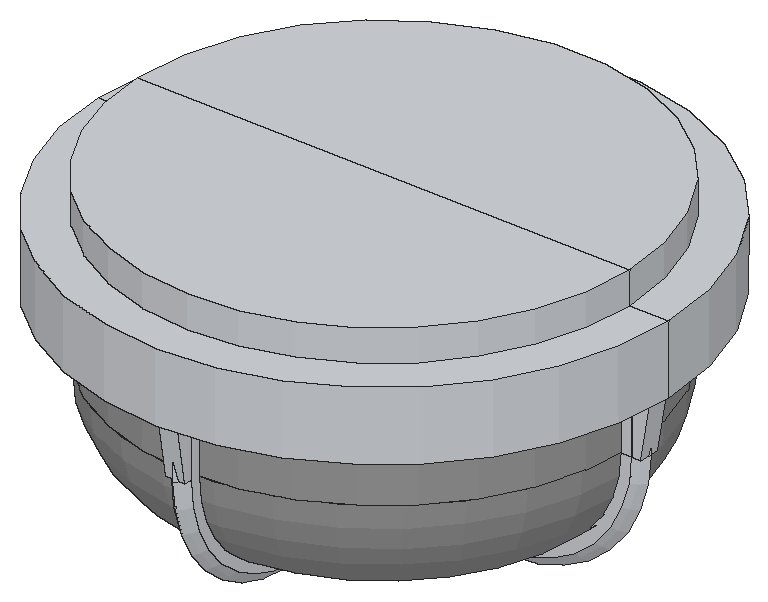
Revit family "O10-S290-X LED 900 AC 830 WH", category Lighting Fixtures, Revit 2016
Family settings
  Part Type = Normal
  Round Connector Dimension = Use Diameter
  OmniClass Number = 23.80.70.00
  OmniClass Title = Lighting
  Work Plane-Based = No
  Always vertical = Yes
  Cut with Voids When Loaded = No
  Light Source = Yes
  Shared = No
  Room Calculation Point = No
Parameters
  Wiring Accessories = ""
  Wattage Comments = ""
  Wattage = 12 W
  VoltageMax = 240 V
  built-in parameter 1150110 = 1 (stored number, unit not read)
  Voltage = 220 V
  UpdateDate = "03.03.2018 14:00:10"
  URL UK = "http://glamox.com/uk/products/O10-S290/items/O10213200"
  URL Sweden = "http://glamox.com/se/produkter/O10-S290/items/O10213200"
  URL Russia = "http://glamox.com/ru/products/O10-S290/items/O10213200"
  URL Other = "http://glamox.com/gsx/products/O10-S290/items/O10213200"
  URL Norway = "http://glamox.com/no/produkter/O10-S290/items/O10213200"
  URL Ireland = "http://glamox.com/ie/products/O10-S290/items/O10213200"
  URL Germany = "http://glamox.com/de/products/O10-S290/items/O10213200"
  URL Finland = "http://glamox.com/fi/products/O10-S290/items/O10213200"
  URL Estonia = "http://glamox.com/ee/products/O10-S290/items/O10213200"
  URL Denmark = "http://glamox.com/dk/produkter/O10-S290/items/O10213200"
  URL = ""
  TypeOfEmergency = ""
  TypeOfBallast = ""
  TotalWattage = 12 W
  Total Load = 12 W
  built-in parameter 1114217 = 1 (stored number, unit not read)
  Top Radius = Radius - 32.5 mm  # 112.5 mm
  Tilt Angle = 90.00°
  Termination = "5x2x2,5 PI"
  built-in parameter 1150109 = 1 (stored number, unit not read)
  built-in parameter 1150134 = (empty or 0)
  built-in parameter 1150113 = 1 (stored number, unit not read)
  Specification = "Outdoor product, in Aluminium, for Surface/Wall mounting, impact classification IK10, IP66, light source LED, lumen out 854lm, ballast type AC, with light source type CRI>80, 3000K, with Polycarbonate diffuser."
  Remark = ""
  RatedVoltage = 220 V
  PowerFactor = 98.00%
  Power Factor = 0.98
  Plug Type = ""
  Photometric Web File = "O10-S290-X-LED-900-830.ies"
  Optic = ""
  Number of Poles = 1
  NominalFrequencyRange = 50 Hz
  ModelReference = "O10-S290"
  ModelLabel = "O10-S290-X LED 900 AC 830 WH"
  Maximum TA = 40
  MaintenanceFactor = 0
  MFArtNo = "O10213200"
  LumDiameter = Diameter  # 290 mm
  Load Classification [instance] = Lighting
  Model = ""
  Manufacturer = "Glamox"
  Lumens = 854 lm
  built-in parameter 1150115 = 1 (stored number, unit not read)
  built-in parameter 1150105 = 67.959 (stored number, unit not read)
  LightFixturePlacingType = "CEILING"
  LightFixtureMountingType = "SURFACE"
  built-in parameter 1150137 = (empty or 0)
  built-in parameter 1150139 = (empty or 0)
  LampBase = ""
  Lamp Wattage Comments = ""
  built-in parameter 1150112 = 1 (stored number, unit not read)
  built-in parameter 1150114 = 1 (stored number, unit not read)
  Lamp = "LED"
  built-in parameter 1150132 = 2
  built-in parameter 1150102 = (empty or 0)
  built-in parameter 1150138 = (empty or 0)
  built-in parameter 1150107 = 3000 (stored number, unit not read)
  built-in parameter 1150106 = 0.67959 (stored number, unit not read)
  IP_Code = "66"
  IPClass = "66"
  IK_Code = ""
  IFC Classification = "Light Fixture"
  Height = 149 mm
  GlobalTradeItemNumber = "4741145295826"
  Glamox Mounting = "Surface"
  Glamox Family = "O10-S290"
  Glamox Category = "Outdoor"
  FrequencyMax = 60 Hz
  Frequency = 50 Hz
  Expired = "0"
  Emit from Circle Diameter = LumDiameter  # 290 mm
  Emit Shape Visible in Rendering = yes
  built-in parameter 1150104 = 6.6116 (stored number, unit not read)
  ELNo Norway = ""
  ELNo Finland = ""
  EANNo = "4741145295826"
  DurationInBatteryMode = ""
  Dimming Lamp Color Temperature Shift = Incandescent Lamp Curve
  Diameter = 290 mm
  Description = "O10-S290-X LED 900 AC 830 WH"
  Cut Out = ""
  Completion = ""
  Color Filter = 16777215
  Radius = Diameter / 2  # 145 mm
  Body Material and Colour = Default
  built-in parameter 1114218 = 1 (stored number, unit not read)
  built-in parameter 1150133 = 10 (stored number, unit not read)
  Assembly Code = ""
  ArticleNumber = "O10213200"
  Apparent Load = Total Load / Power Factor  # 12.2449 VA
  #Ballast = 1
  # ballast on a MCB16 type C fuse = "176"
  # ballast on a MCB16 type B fuse = "130"
Reference planes
  plane 1 "Light Source Axis (F/B)": y = 0.31
  plane 2: z = 0
  plane 3 "Light Source Axis (L/R)": x = 0
  plane 4 "Light Source Elevation": z = -150.079
  plane 5: z = -150.079
  plane 6: x = 145
  plane 7: x = 125
  plane 8: x = 0
  plane 9: y = 0.31
Forms (mm)
  Extrusion 1, solid, material "Default" <- "Body Material and Colour", not visible
    sketch origin (-13.045, 0, -1.079) x (1, 0, 0) y (0, 1, 0)
      loop
        circle (0, 0.31) r 10
    from -1.079 to 0
  Revolve 2, solid
    sketch origin (0, 0, -1.079) x (-1, 0, 0) y (0, 0, -1)
      loop
        arc (-66, 140.079) -> (-107.719, 122.798) -> (-125, 81.079) r 59
        line (-125, 81.079) -> (-125, 51.079) -> (-125, 48.126) -> (-140, 48.126) -> (-140, 51.079) -> (-145, 51.079) -> (-145, 16.079) -> (-125, 16.079) -> (-125, 0) -> (0, 0) -> (0, 140.079) -> (-66, 140.079)
      axis (0, 140.079) -> (0, 0)
    angle from 0 to 360
  Extrusion 3, solid
    sketch origin (0, 0, -1.079) x (-1, 0, 0) y (0, 0, -1)
      loop
        line (-140, 51.079) -> (-125, 51.079) -> (-125, 81.079) -> (-134.828, 81.079) -> (-140, 51.079)
    from -5 to 5
  Extrusion 4, solid
    sketch origin (0, 0, -1.079) x (1, 0, 0) y (0, 0, 1)
      loop
        line (-140, -51.079) -> (-134.916, -81.079) -> (-125, -81.079) -> (-125, -51.079) -> (-140, -51.079)
    from -5 to 5
  Extrusion 5, solid
    sketch origin (0, 0, -1.079) x (0, 1, 0) y (0, 0, -1)
      loop
        line (20.35, 51.079) -> (15.426, 81.079) -> (5.806, 81.079) -> (5.806, 51.079) -> (20.35, 51.079)
    from -5.31 to 4.69
  Extrusion 6, solid
    sketch origin (0, 121.983, -1.079) x (0, -1, 0) y (0, 0, 1)
      loop
        line (259.65, -51.079) -> (244.65, -51.079) -> (244.65, -81.079) -> (254.745, -81.079) -> (259.65, -51.079)
    from -5 to 5
  Sweep 7, solid
    path origin (0, 0, -1.079) x (-1, 0, 0) y (0, 0, -1)
      loop
        line (-130, 51.079) -> (-130, 81.079)
        arc (-130, 81.079) -> (-110.962, 127.041) -> (-65, 146.079) r 65
        line (-65, 146.079) -> (0, 146.079) -> (64.958, 146.079)
        arc (64.958, 146.079) -> (110.92, 127.041) -> (129.958, 81.079) r 65
        line (129.958, 81.079) -> (129.958, 51.079)
    profile origin (110.962, 0, -128.12) x (0.707107, 0, -0.707107) y (0, -1, 0)
      loop
        line (-5.707, 5) -> (-5.707, -5) -> (0, -5)
        arc (0, -5) -> (3.052, -2.976) -> (5.564, -0.31) r 16
        arc (5.564, -0.31) -> (3.133, 2.528) -> (0.33, 5) r 26.787
        line (0.33, 5) -> (-5.707, 5)
  Sweep 8, solid
    path origin (0.31, 121.234, -1.491) x (0, -1, 0) y (0, 0, -1)
      loop
        line (-10.35, 51.079) -> (-10.35, 81.079)
        arc (-10.35, 81.079) -> (8.688, 127.041) -> (54.65, 146.079) r 65
        line (54.65, 146.079) -> (119.65, 146.079) -> (184.608, 146.079)
        arc (184.608, 146.079) -> (230.57, 127.041) -> (249.608, 81.079) r 65
        line (249.608, 81.079) -> (249.608, 50.667)
    profile origin (0.31, 112.546, -128.532) x (0, 0.707107, -0.707107) y (1, 0, 0)
      loop
        line (-5.707, 5) -> (-5.707, -5) -> (0, -5)
        arc (0, -5) -> (3.052, -2.976) -> (5.564, -0.31) r 16
        arc (5.564, -0.31) -> (3.133, 2.528) -> (0.33, 5) r 26.787
        line (0.33, 5) -> (-5.707, 5)
  Extrusion 9, solid
    sketch origin (0, -118.095, -1.079) x (0, 1, 0) y (0, 0, 1)
      loop
        line (259.65, -51.079) -> (244.65, -51.079) -> (244.65, -81.079) -> (254.745, -81.079) -> (259.65, -51.079)
    from -5 to 5
Lines and regions (mm)
  symbolic lines
    curve 1: circle (0, 0.31, -150.079) r 145 normal (0, 0, -1)
    curve 2: line (0, 0.31, -150.079) -> (102.53, 102.841, -150.079)
    curve 3: line (0, 0.31, -150.079) -> (102.53, -102.22, -150.079)
    curve 4: line (0, 0.31, -150.079) -> (-102.53, -102.22, -150.079)
    curve 5: line (0, 0.31, -150.079) -> (-102.53, 102.841, -150.079)
Dimensions and locks
  "Height": plane 5 to level
  "Radius": plane 6 to plane 8
  aligned and locked: plane 1 "Light Source Axis (F/B)" to imposter light
  aligned and locked: plane 4 "Light Source Elevation" to imposter light
  aligned and locked: plane 1 "Light Source Axis (F/B)" to Extrusion 1 sketch curve
  aligned and locked: Revolve 2 sketch curve to Revolve 2 sketch curve
  aligned and locked: Revolve 2 to Extrusion 3 sketch curve
  aligned and locked: Extrusion 4 sketch curve to Revolve 2  (x2)
  aligned and locked: Sweep 7 sketch curve to Sweep 7 sketch curve
  aligned and locked: Extrusion 4 to Sweep 7 sketch curve
  aligned and locked: Sweep 8 sketch curve to Sweep 8 sketch curve
  aligned and locked: Sweep 7 to Extrusion 4
  aligned and locked: Revolve 2 to Revolve 2
  aligned and locked: plane 5 to imposter light
  aligned and locked: plane 6 to Revolve 2
  aligned and locked: plane 7 to Revolve 2
  aligned and locked: plane 3 "Light Source Axis (L/R)" to plane 8
  aligned and locked: level to Revolve 2 sketch curve
  aligned and locked: plane 3 "Light Source Axis (L/R)" to imposter light
  aligned and locked: plane 4 "Light Source Elevation" to plane 5
  aligned and locked: plane 9 to Sweep 7
  aligned and locked: plane 9 to imposter light
Automatic sketch dimensions
  plane 3 "Light Source Axis (L/R)" to Extrusion 3 sketch curve = 140 mm
  Extrusion 3 sketch curve to Extrusion 3 sketch curve = 5.172 mm
  Extrusion 3 sketch curve to Extrusion 3 sketch curve = 9.828 mm
  Extrusion 3 sketch curve to Extrusion 3 sketch curve = 30 mm
  Extrusion 4 sketch curve to Extrusion 4 sketch curve = 5.084 mm
  Extrusion 4 sketch curve to Extrusion 4 sketch curve = 9.916 mm
  Extrusion 4 sketch curve to Extrusion 4 sketch curve = 30 mm
  Extrusion 5 sketch curve to plane 1 "Light Source Axis (F/B)" = 5.495 mm
  Extrusion 5 sketch curve to Extrusion 5 sketch curve = 9.621 mm
  Extrusion 5 sketch curve to Extrusion 5 sketch curve = 14.544 mm
  Extrusion 5 sketch curve to level = 51.079 mm
  Extrusion 5 sketch curve to Extrusion 5 sketch curve = 30 mm
  plane 1 "Light Source Axis (F/B)" to Extrusion 6 sketch curve = 122.977 mm
  Extrusion 6 sketch curve to Extrusion 6 sketch curve = 10.095 mm
  Extrusion 6 sketch curve to Extrusion 6 sketch curve = 15 mm
  Extrusion 6 sketch curve to level = 81.079 mm
  Extrusion 6 sketch curve to Extrusion 6 sketch curve = 30 mm
  Sweep 7 sketch curve to profile plane = 0 mm
  profile plane to Sweep 7 sketch curve = 5.707 mm
  Sweep 7 sketch curve to Sweep 7 sketch curve = 1.552 mm
  Sweep 7 sketch curve to Sweep 7 sketch curve = 10.238 mm
  Sweep 7 sketch curve to profile plane = 0.33 mm
  Sweep 7 sketch curve to profile plane = 16.276 mm
  Sweep 7 sketch curve to profile plane = 5 mm
  profile plane to Sweep 7 sketch curve = 5 mm
  Sweep 7 sketch curve to Sweep 7 sketch curve = 4.259 mm
  Sweep 8 sketch curve to plane 1 "Light Source Axis (F/B)" = 131.274 mm
  Sweep 8 sketch curve to plane 1 "Light Source Axis (F/B)" = 66.274 mm
  Sweep 8 sketch curve to Sweep 8 sketch curve = 65 mm  (x2)
  Sweep 8 sketch curve to Sweep 8 sketch curve = 64.958 mm
  Sweep 8 sketch curve to level = 81.491 mm
  Sweep 8 sketch curve to Sweep 8 sketch curve = 30 mm
  Sweep 8 sketch curve to Sweep 8 sketch curve = 30.412 mm
  Sweep 8 sketch curve to profile plane = 0 mm
  profile plane to Sweep 8 sketch curve = 5.707 mm
  Sweep 8 sketch curve to Sweep 8 sketch curve = 1.552 mm
  Sweep 8 sketch curve to Sweep 8 sketch curve = 10.238 mm
  Sweep 8 sketch curve to profile plane = 0.33 mm
  Sweep 8 sketch curve to profile plane = 16.276 mm
  Sweep 8 sketch curve to profile plane = 5 mm
  profile plane to Sweep 8 sketch curve = 5 mm
  Sweep 8 sketch curve to Sweep 8 sketch curve = 4.259 mm
  Extrusion 1 sketch curve to plane 3 "Light Source Axis (L/R)" = 13.045 mm
  Revolve 2 sketch curve to plane 6 = 0 mm
  plane 7 to Revolve 2 sketch curve = 0 mm
  Revolve 2 sketch curve to plane 7 = 0 mm
  Revolve 2 sketch curve to plane 3 "Light Source Axis (L/R)" = 0 mm  (x2)
  Revolve 2 sketch curve to plane 6 = 5 mm
  Revolve 2 sketch curve to Revolve 2 sketch curve = 59 mm
  Revolve 2 sketch curve to level = 16.079 mm
  Revolve 2 sketch curve to Revolve 2 sketch curve = 32.047 mm
  Revolve 2 sketch curve to Revolve 2 sketch curve = 2.953 mm  (x2)
  Revolve 2 sketch curve to Revolve 2 sketch curve = 30 mm
  plane 2 to Revolve 2 sketch curve = 28.842 mm
  plane 4 "Light Source Elevation" to Revolve 2 sketch curve = 16.079 mm
  Sweep 7 sketch curve to plane 3 "Light Source Axis (L/R)" = 0 mm
  Sweep 7 sketch curve to plane 7 = 60 mm
  plane 7 to Sweep 7 sketch curve = 5 mm
  Sweep 7 sketch curve to plane 3 "Light Source Axis (L/R)" = 64.958 mm
  Sweep 7 sketch curve to plane 4 "Light Source Elevation" = 67.921 mm
  Sweep 7 sketch curve to Sweep 7 sketch curve = 30 mm  (x2)
  Extrusion 9 sketch curve to level = 51.079 mm
  Extrusion 9 sketch curve to plane 1 "Light Source Axis (F/B)" = 126.245 mm
  Extrusion 9 sketch curve to plane 4 "Light Source Elevation" = 67.921 mm
  Extrusion 9 sketch curve to Extrusion 9 sketch curve = 10.095 mm
  Extrusion 9 sketch curve to Extrusion 9 sketch curve = 15 mm
  plane 1 "Light Source Axis (F/B)" to curve 1 = 0 mm
  plane 1 "Light Source Axis (F/B)" to curve 5 = 0 mm
  curve 1 to plane 3 "Light Source Axis (L/R)" = 0 mm
  curve 5 to plane 3 "Light Source Axis (L/R)" = 0 mm
  curve 2 to plane 7 = 22.47 mm
  curve 2 to plane 1 "Light Source Axis (F/B)" = 102.53 mm
  radius of Extrusion 1 sketch curve = 10 mm
Connectors
  electrical at (-13.045, 0.31, -1.079), driven by "Voltage", driven by "Total Load", driven by "Number of Poles", driven by "Load Classification", driven by "Power Factor"
    settings: on Extrusion 1, index 1, voltage 220 V, apparent load 0 VA, apparent load phase1 12 VA, apparent load phase2 0 VA, apparent load phase3 0 VA, power factor 0.98, load classification "Lighting", number of poles 1, system type 31, power factor state 1, is connector primary yes, connector utility no, sub classification motor no, connector description ""
